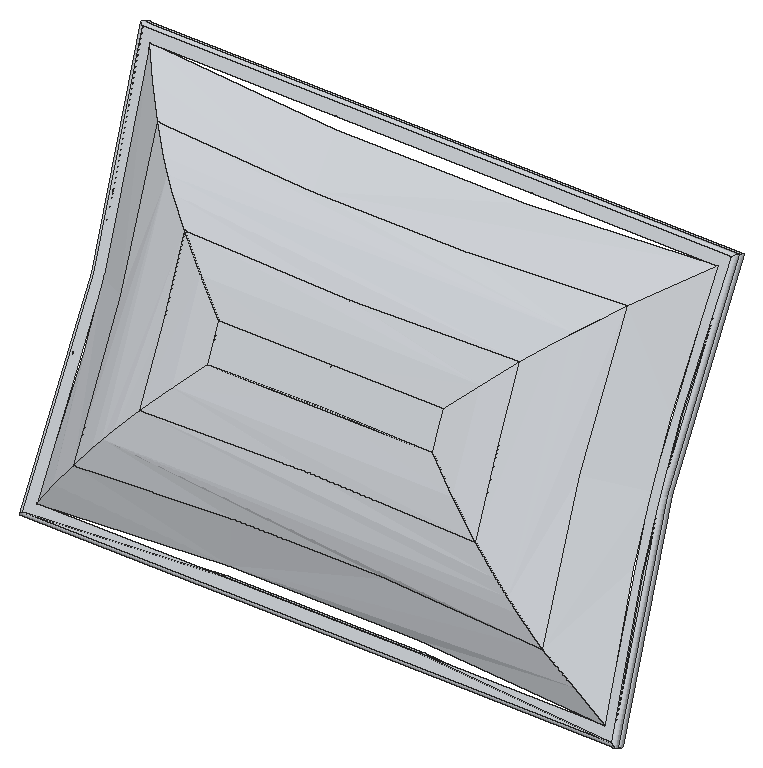
Revit family "Haworth_BandasSpace_Pillow", category Furniture, Revit 2015
Parameters (values of type "HCGN-BNC")
  Warranty = "http://www.haworth.com/resources/product-info/warranties"
  Version = "1"  # constant formula
  Upholstery Finish [instance] = none
  URL - Product = "https://www.haworth.com/products/seating/lounge-sofas-benches/bandas-space"
  URL = "https://www.haworth.com/our-brands/haworth-collection"
  Sustainability Info = "https://www.haworth.com/company-info/sustainability"
  Size = "Verify Final Dim. w/ Haworth"  # constant formula
  Model = "HCGN-BNC"  # constant formula
  Manufacturer = "Haworth"  # constant formula
  Description = "Haworth - Bandas Space - Pillow"  # constant formula
  Author = "Haworth (Alias)"  # constant formula
  Assembly Code = "E2020200"
  Actual Height = 15.75"  # constant formula
  Actual Depth = 23.60"  # constant formula
Reference planes (in)
  plane 1: z = 0
  plane 2 "Pillow Angle": through (480, -1.25556, 23.14459) normal (0, 0.927, -0.375)
  plane 3 "Center LR": x = 4.84148
  plane 4 "Center FB": y = -2.4663
  plane 5 "Right": x = 16.64148
  plane 6 "Left": x = -6.95852
  plane 7: z = 12.666
  plane 8: z = 28.416
Forms (in)
  Sweep 1, solid, material <- "Upholstery Finish"
    path origin (0, -9.12488, 3.69121) x (0, 0.375002, 0.927024) y (1, 0, 0)
      loop
        arc (25.67981, -6.90877) -> (25.19961, 4.84148) -> (25.67981, 16.59173) r 144
        arc (25.67981, 16.59173) -> (17.7311, 16.14258) -> (9.7824, 16.59173) r 70.56052
        arc (9.7824, 16.59173) -> (10.2626, 4.84148) -> (9.7824, -6.90877) r 144
        arc (9.7824, -6.90877) -> (17.7311, -6.45963) -> (25.67981, -6.90877) r 70.56052
    profile origin (4.84148, 0.32501, 27.05186) x (0, -0.375002, -0.927024) y (0, 0.927024, -0.375002)
      loop
        line (0, -0.24995) -> (0.38302, -0.24995)
        arc (0.38302, -0.24995) -> (1.24365, -0.99253) -> (2.15167, -1.67633) r 17.11082
        arc (2.15167, -1.67633) -> (3.35261, -2.35376) -> (4.66305, -2.78264) r 7
        arc (4.66305, -2.78264) -> (5.73628, -2.95941) -> (6.82237, -3.01856) r 10
        line (6.82237, -3.01856) -> (7.23715, -3.01856) -> (7.23715, 3.01856) -> (6.82237, 3.01856)
        arc (6.82237, 3.01856) -> (5.73628, 2.95941) -> (4.66305, 2.78264) r 10
        arc (4.66305, 2.78264) -> (3.35261, 2.35376) -> (2.15167, 1.67633) r 7
        arc (2.15167, 1.67633) -> (1.24365, 0.99253) -> (0.38302, 0.24995) r 17.11082
        line (0.38302, 0.24995) -> (0, 0.24995)
        arc (0, 0.24995) -> (-0.12497, 0.12497) -> (0, 0) r 0.12497
        arc (0, 0) -> (-0.12497, -0.12497) -> (0, -0.24995) r 0.12497
  Extrusion 2, solid, material <- "Upholstery Finish"
    sketch origin (0, -9.12488, 3.69121) x (0, 0.375002, 0.927024) y (1, 0, 0)
      loop
        line (18.12283, 0.69895) -> (18.12283, 8.98401) -> (17.37283, 8.98401) -> (17.37283, 0.69895) -> (18.12283, 0.69895)
    from -3.01856 to 3.01953
Cuts and joins
  joined: Sweep 1, Extrusion 2
Lines and regions (in)
  Masking region 1
    outline origin (0, 0, 0) x (1, 0, 0) y (0, 1, 0)
      loop
        arc (16.45827, 0.02026) -> (16.39529, 0.46304) -> (16.00327, 0.6783) r 0.5
        arc (16.00327, 0.6783) -> (12.91035, 0.84052) -> (9.82314, 1.08872) r 111.32912
        arc (9.82314, 1.08872) -> (4.84148, 1.32336) -> (-0.14018, 1.08872) r 53
        arc (-0.14018, 1.08872) -> (-3.22739, 0.84052) -> (-6.32031, 0.6783) r 111.32912
        arc (-6.32031, 0.6783) -> (-6.71233, 0.46304) -> (-6.77531, 0.02026) r 0.5
        arc (-6.77531, 0.02026) -> (-6.39547, -2.46356) -> (-6.86877, -4.93127) r 7.39903
        arc (-6.86877, -4.93127) -> (-6.81728, -5.3842) -> (-6.41964, -5.60711) r 0.5
        arc (-6.41964, -5.60711) -> (-3.27698, -5.76983) -> (-0.14018, -6.02131) r 111.32912
        arc (-0.14018, -6.02131) -> (4.84148, -6.25595) -> (9.82314, -6.02131) r 53
        arc (9.82314, -6.02131) -> (12.95994, -5.76983) -> (16.1026, -5.60711) r 111.32912
        arc (16.1026, -5.60711) -> (16.50023, -5.3842) -> (16.55173, -4.93127) r 0.5
        arc (16.55173, -4.93127) -> (16.07842, -2.46356) -> (16.45827, 0.02026) r 7.39903
Dimensions and locks (in)
  equal spacing: plane 6 "Left", plane 3 "Center LR", plane 5 "Right"
  "Actual Depth": plane 6 "Left" to plane 5 "Right"
  "Actual Height": plane 8 to plane 7
  aligned and locked: level to plane 1
Automatic sketch dimensions
  Sweep 1 sketch curve to plane 3 "Center LR" = 0.00"  (x2)
  plane 5 "Right" to Sweep 1 sketch curve = 70.06162"
  Sweep 1 sketch curve to Sweep 1 sketch curve = 151.4685"  (x2)
  plane 6 "Left" to Sweep 1 sketch curve = 70.06162"
  Sweep 1 sketch curve to Sweep 1 sketch curve = 0.00"  (x3)
  Sweep 1 sketch curve to plane 5 "Right" = 0.04975"
  Sweep 1 sketch curve to Sweep 1 sketch curve = 7.94871"
  Sweep 1 sketch curve to plane 6 "Left" = 0.04975"  (x2)
  Sweep 1 sketch curve to profile plane = 0.00"
  plane 2 "Pillow Angle" to Sweep 1 sketch curve = 0.00"  (x2)
  Sweep 1 sketch curve to Sweep 1 sketch curve = 0.38302"
  Sweep 1 sketch curve to profile plane = 0.38302"
  Sweep 1 sketch curve to profile plane = 6.17457"  (x2)
  Sweep 1 sketch curve to Sweep 1 sketch curve = 0.6478"  (x2)
  Sweep 1 sketch curve to Sweep 1 sketch curve = 0.41478"
  Sweep 1 sketch curve to Sweep 1 sketch curve = 5.16289"  (x2)
  Sweep 1 sketch curve to Sweep 1 sketch curve = 0.12497"  (x2)
  Sweep 1 sketch curve to plane 2 "Pillow Angle" = 3.01856"
  Sweep 1 sketch curve to Sweep 1 sketch curve = 1.03365"  (x2)
  Sweep 1 sketch curve to Sweep 1 sketch curve = 2.92922"  (x2)
  Sweep 1 sketch curve to Sweep 1 sketch curve = 5.34511"  (x2)
  plane 2 "Pillow Angle" to Sweep 1 sketch curve = 3.01856"
  Masking region 1 sketch curve to plane 3 "Center LR" = 0.00"  (x2)
  Masking region 1 sketch curve to plane 6 "Left" = 0.65745"
  Masking region 1 sketch curve to plane 6 "Left" = 0.55768"
  plane 6 "Left" to Masking region 1 sketch curve = 3.64588"  (x2)
  plane 4 "Center FB" to Masking region 1 sketch curve = 0.14237"  (x2)
  plane 6 "Left" to Masking region 1 sketch curve = 6.83466"
  Masking region 1 sketch curve to plane 5 "Right" = 0.65745"
  Masking region 1 sketch curve to plane 5 "Right" = 0.55768"
  plane 5 "Right" to Masking region 1 sketch curve = 3.64588"  (x2)
  plane 5 "Right" to Masking region 1 sketch curve = 6.83466"
  Masking region 1 sketch curve to plane 4 "Center FB" = 2.64117"  (x2)
  Masking region 1 sketch curve to Masking region 1 sketch curve = 46.56918"
  Masking region 1 sketch curve to Masking region 1 sketch curve = 65.18091"  (x2)
  Masking region 1 sketch curve to Masking region 1 sketch curve = 0.00"  (x12)
  plane 4 "Center FB" to Masking region 1 sketch curve = 2.64496"  (x2)
  Masking region 1 sketch curve to Masking region 1 sketch curve = 46.56538"
  Masking region 1 sketch curve to plane 4 "Center FB" = 3.55501"
  plane 4 "Center FB" to Masking region 1 sketch curve = 3.55501"
  plane 3 "Center LR" to Extrusion 2 sketch curve = 4.14253"
  Extrusion 2 sketch curve to Extrusion 2 sketch curve = 0.75"
  Extrusion 2 sketch curve to plane 3 "Center LR" = 4.14253"
